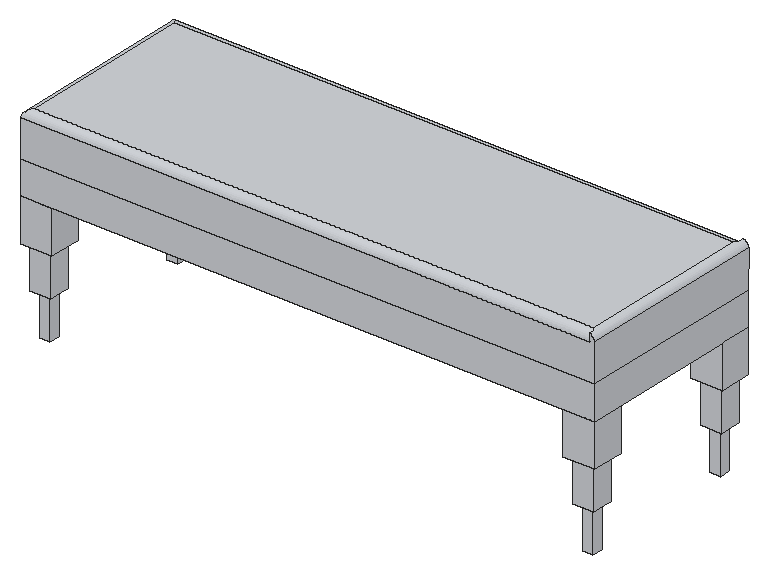
Revit family
Parameters
  bench fabric = none
  Bench wood = none
Reference planes (in)
  plane 1 "Center Front/Back": y = 0
  plane 2: z = 0
  plane 3 "Center Left/Right": x = 0
Forms (in)
  Extrusion 1, solid, material <- "bench fabric"
    sketch origin (27, 0, 0) x (-1, 0, 0) y (0, 0, -1)
      loop
        line (54, -15.13282) -> (0.00782, -15.13282) -> (0.00782, -19.32007) -> (54, -19.32007) -> (54, -15.13282)
    from 0 to -18
  Extrusion 2, solid, material <- "Bench wood"
    sketch origin (27, 0, 0) x (-1, 0, 0) y (0, 0, -1)
      loop
        line (54, -12) -> (0.00782, -12) -> (0.00782, -15.13282) -> (54, -15.13282) -> (54, -12)
    from 0 to -18
  Extrusion 3, solid, material <- "Bench wood"
    sketch origin (27, 0, 0) x (-1, 0, 0) y (0, 0, -1)
      loop
        line (3, -12) -> (3, -8) -> (0.00782, -8) -> (0.00782, -12) -> (3, -12)
      loop
        line (54, -12) -> (54, -8) -> (51, -8) -> (51, -12) -> (54, -12)
    from 0 to -18
  Extrusion 4, solid, material <- "Bench wood"
    sketch origin (27, 0, 0) x (-1, 0, 0) y (0, 0, -1)
      loop
        line (53.4994, -8) -> (53.4994, -4) -> (51.4994, -4) -> (51.4994, -8) -> (53.4994, -8)
      loop
        line (2.4994, -8) -> (2.4994, -4) -> (0.4994, -4) -> (0.4994, -8) -> (2.4994, -8)
    from -17.5 to -0.5
  Extrusion 5, solid, material <- "Bench wood"
    sketch origin (27, 0, 0) x (-1, 0, 0) y (0, 0, -1)
      loop
        line (52.9994, 0) -> (51.9994, 0) -> (51.9994, -4) -> (52.9994, -4) -> (52.9994, 0)
      loop
        line (1.9994, 0) -> (0.9994, 0) -> (0.9994, -4) -> (1.9994, -4) -> (1.9994, 0)
    from -1 to -17
  Extrusion 6, void
    sketch origin (-26.4994, 0, 4) x (0, 0, -1) y (0, 1, 0)
      loop
        line (-8, 15) -> (-8, 3) -> (-4, 3) -> (-4, 2.5) -> (0, 2.5) -> (0, 2) -> (4, 2) -> (4, 16) -> (0, 16) -> (0, 15.5) -> (-4, 15.5) -> (-4, 15) -> (-8, 15)
    from -1.47928 to 55.89549
  Extrusion 7, void
    sketch origin (27, 0, 0) x (1, 0, 0) y (0, 0, -1)
      loop
        line (-54, -18.57007) -> (-54, -19.32007) -> (-53.25, -19.32007)
        arc (-53.25, -19.32007) -> (-53.78033, -19.1004) -> (-54, -18.57007) r 0.75
      loop
        arc (0, -18.57007) -> (-0.21967, -19.1004) -> (-0.75, -19.32007) r 0.75
        line (-0.75, -19.32007) -> (0, -19.32007) -> (0, -18.57007)
    from 0 to 18
  Extrusion 8, void
    sketch origin (-27, 0, 12.1822) x (0, 0, 1) y (0, -1, 0)
      loop
        line (6.38788, -18) -> (7.13788, -18) -> (7.13788, -17.25)
        arc (7.13788, -17.25) -> (6.91821, -17.78033) -> (6.38788, -18) r 0.75
      loop
        arc (6.38788, 0) -> (6.91821, -0.21967) -> (7.13788, -0.75) r 0.75
        line (7.13788, -0.75) -> (7.13788, 0) -> (6.38788, 0)
    from 0 to 53.5006
Cuts and joins
  Extrusion 6 cuts Extrusion 2
  Extrusion 6 cuts Extrusion 3
  Extrusion 6 cuts Extrusion 4
  Extrusion 6 cuts Extrusion 5
  Extrusion 7, Extrusion 8 cuts Extrusion 1
